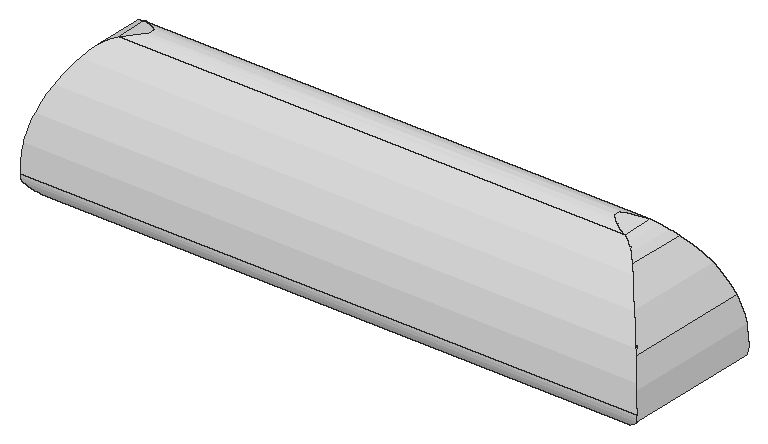
Revit family "FU_Cushion_Sandler_Flow 06002", category Furniture, Revit 2022
Family settings
  OmniClass Number = 23.40.20.00
  OmniClass Title = General Furniture and Specialties
  Work Plane-Based = No
  Always vertical = Yes
  Cut with Voids When Loaded = No
  Render Appearance Source = Family Geometry
  Shared = No
  Room Calculation Point = No
Parameters (values of type "Flow 06002")
  Width = 1600 mm
  URL = "https://www.sandlerseating.com/product/flow-06002/"
  Model = "Flow 06002"
  Manufacturer = "Sandler"
  Height = 820 mm
  Description = "A movable backrest for the Flow modular seating series. This short, self-supporting backrest can be repositioned to fit the configuration and guests' comfort. The base is reinforced and covered with non-slip fabric."
  Depth = 360 mm
  Default Elevation = 0 mm
  Cushion [instance] = Fabric - Gravity - Frost CPC32
Reference planes
  plane 1 "Center (Front/Back)": y = 0
  plane 2: z = 0
  plane 3 "Center (Left/Right)": x = 0
  plane 4 "Right": x = -800
  plane 5 "Left": x = 800
  plane 6 "Back": y = 180
  plane 7 "Front": y = -180
  plane 8 "Height": z = 820
  plane 9 "Elevation": z = 440
Forms (mm)
  Sweep 1, solid, material "Fabric - Gravity - Frost CPC32" <- "Cushion"
    path origin (0, 0, 440) x (-1, 0, 0) y (0, -1, 0)
      loop
        line (800, 0) -> (-800, 0)
    profile origin (0, 0, 440) x (0, 1, 0) y (0, 0, 1)
      loop
        arc (-129.953, 5.746) -> (-0.001, 0) -> (129.951, 5.742) r 1472.901
        arc (129.951, 5.742) -> (165.745, 23.474) -> (180.099, 60.75) r 55
        arc (180.099, 60.75) -> (143.178, 228.565) -> (40.341, 366.223) r 407.322
        spline (40.341, 366.223) -> (34.045, 370.373) -> (27.518, 373.807) -> (20.803, 376.503) -> (13.948, 378.441) -> (6.998, 379.61) -> (0, 380) -> (-6.998, 379.61) -> (-13.948, 378.441) -> (-20.803, 376.503) -> (-27.518, 373.807) -> (-34.045, 370.373) -> (-40.341, 366.223)
        arc (-40.341, 366.223) -> (-143.177, 228.567) -> (-180.099, 60.754) r 407.322
        arc (-180.099, 60.754) -> (-165.745, 23.478) -> (-129.953, 5.746) r 55
  Extrusion 2, void
    sketch origin (0, 0, 0) x (1, 0, 0) y (0, 0, 1)
      loop
        arc (-794.455, 483.369) -> (-793.936, 553.757) -> (-780.345, 622.822) r 377.133
        arc (-780.345, 622.822) -> (-748.601, 700.899) -> (-702.201, 771.261) r 428.909
        arc (-702.201, 771.261) -> (-679.541, 792.308) -> (-651.923, 806.223) r 110.115
        arc (-651.923, 806.223) -> (-593.523, 820.822) -> (-533.535, 825.827) r 372.62
        line (-533.535, 825.827) -> (-533.535, 850.827) -> (-813.535, 850.827) -> (-813.535, 415.827) -> (-573.539, 415.827) -> (-573.539, 437.08)
        arc (-573.539, 437.08) -> (-640.999, 439.969) -> (-708.23, 446.222) r 1352.425
        arc (-708.23, 446.222) -> (-754.976, 456.361) -> (-794.455, 483.369) r 124.561
      loop
        arc (794.455, 483.369) -> (754.976, 456.361) -> (708.23, 446.222) r 124.561
        arc (708.23, 446.222) -> (640.999, 439.969) -> (573.539, 437.08) r 1352.425
        line (573.539, 437.08) -> (573.539, 415.827) -> (813.535, 415.827) -> (813.535, 850.827) -> (533.535, 850.827) -> (533.535, 825.827)
        arc (533.535, 825.827) -> (593.523, 820.822) -> (651.923, 806.223) r 372.62
        arc (651.923, 806.223) -> (679.541, 792.308) -> (702.201, 771.261) r 110.115
        arc (702.201, 771.261) -> (748.601, 700.899) -> (780.345, 622.822) r 428.909
        arc (780.345, 622.822) -> (793.936, 553.757) -> (794.455, 483.369) r 377.133
    from -190 to 190
Cuts and joins
  Extrusion 2 cuts Sweep 1
Dimensions and locks
  equal spacing: plane 6 "Back", plane 1 "Center (Front/Back)", plane 7 "Front"
  "Depth": plane 6 "Back" to plane 7 "Front"
  equal spacing: plane 4 "Right", plane 3 "Center (Left/Right)", plane 5 "Left"
  "Width": plane 4 "Right" to plane 5 "Left"
  "Height": plane 8 "Height" to level
  aligned and locked: level to plane 2
Automatic sketch dimensions
  plane 1 "Center (Front/Back)" to Sweep 1 sketch curve = 0 mm
  Sweep 1 sketch curve to plane 5 "Left" = 0 mm
  Sweep 1 sketch curve to plane 4 "Right" = 0 mm
  Sweep 1 sketch curve to profile plane = 0 mm
  profile plane to Sweep 1 sketch curve = 125.1 mm
  Sweep 1 sketch curve to Sweep 1 sketch curve = 102.12 mm  (x2)
  Sweep 1 sketch curve to profile plane = 0.021 mm
  plane 9 "Elevation" to Sweep 1 sketch curve = 60.528 mm
  Sweep 1 sketch curve to profile plane = 125.1 mm
  plane 9 "Elevation" to Sweep 1 sketch curve = 59.104 mm  (x2)
  plane 9 "Elevation" to Sweep 1 sketch curve = 60.531 mm
  Sweep 1 sketch curve to Sweep 1 sketch curve = 1412.37 mm
  profile plane to Sweep 1 sketch curve = 40.341 mm
  profile plane to Sweep 1 sketch curve = 85 mm
  plane 9 "Elevation" to Sweep 1 sketch curve = 5.746 mm
  Sweep 1 sketch curve to Sweep 1 sketch curve = 0 mm  (x3)
  Sweep 1 sketch curve to profile plane = 40.341 mm
  Sweep 1 sketch curve to Sweep 1 sketch curve = 101.223 mm
  Extrusion 2 sketch curve to plane 4 "Right" = 13.535 mm
  plane 4 "Right" to Extrusion 2 sketch curve = 94.307 mm
  Extrusion 2 sketch curve to Extrusion 2 sketch curve = 89.017 mm
  Extrusion 2 sketch curve to plane 9 "Elevation" = 24.173 mm  (x2)
  Extrusion 2 sketch curve to Extrusion 2 sketch curve = 132.153 mm
  plane 4 "Right" to Extrusion 2 sketch curve = 250.59 mm
  plane 8 "Height" to Extrusion 2 sketch curve = 30.827 mm  (x2)
  Extrusion 2 sketch curve to Extrusion 2 sketch curve = 83.14 mm  (x2)
  plane 9 "Elevation" to Extrusion 2 sketch curve = 13.209 mm  (x2)
  Extrusion 2 sketch curve to Extrusion 2 sketch curve = 40.891 mm  (x2)
  Extrusion 2 sketch curve to Extrusion 2 sketch curve = 113.93 mm  (x2)
  Extrusion 2 sketch curve to Extrusion 2 sketch curve = 49.647 mm  (x2)
  plane 9 "Elevation" to Extrusion 2 sketch curve = 61.099 mm  (x2)
  plane 3 "Center (Left/Right)" to Extrusion 2 sketch curve = 369.071 mm
  Extrusion 2 sketch curve to plane 5 "Left" = 266.465 mm
  Extrusion 2 sketch curve to plane 5 "Left" = 250.59 mm
  Extrusion 2 sketch curve to plane 5 "Left" = 94.307 mm
  plane 5 "Left" to Extrusion 2 sketch curve = 13.535 mm
  Extrusion 2 sketch curve to plane 9 "Elevation" = 2.92 mm  (x2)
  Extrusion 2 sketch curve to Extrusion 2 sketch curve = 14.694 mm  (x2)
  plane 9 "Elevation" to Extrusion 2 sketch curve = 130.758 mm  (x2)
  Extrusion 2 sketch curve to plane 8 "Height" = 118.098 mm  (x2)
  plane 8 "Height" to Extrusion 2 sketch curve = 5.827 mm  (x2)
  Extrusion 2 sketch curve to Extrusion 2 sketch curve = 938.462 mm  (x2)
  plane 4 "Right" to Extrusion 2 sketch curve = 5.545 mm
  Extrusion 2 sketch curve to Extrusion 2 sketch curve = 74.653 mm
  Extrusion 2 sketch curve to Extrusion 2 sketch curve = 0 mm  (x5)
  plane 9 "Elevation" to Extrusion 2 sketch curve = 6.222 mm
